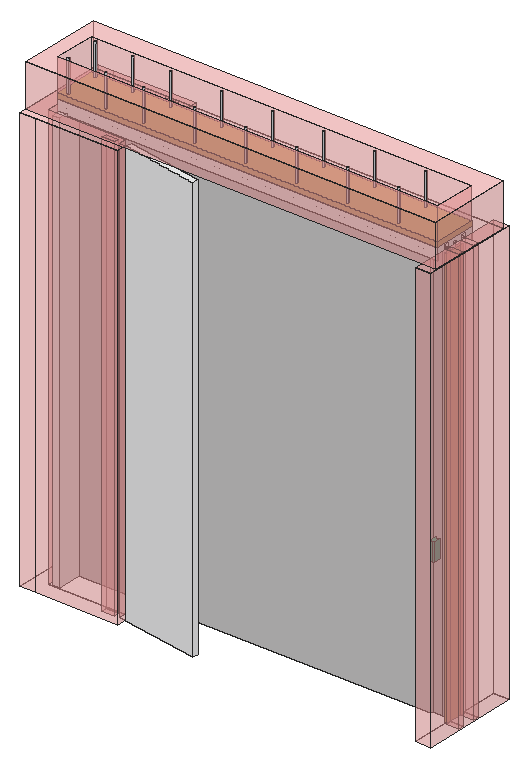
Revit family "Doors-Sliding_WON-DOOR_DuraSound_Manual_Floating_N", category Doors, host Wall, Revit 2020
Family settings
  Host = Wall
  OmniClass Number = 23.17.11.37.13
  OmniClass Title = Sound Control Doors
  Always vertical = Yes
  Cut with Voids When Loaded = No
  Shared = No
  Room Calculation Point = No
Parameters (values of type "Single Parting Door")
  Width [instance] = if(Clear Opening Width < Min Width, Min Width, if(Clear Opening Width > Real Max Width, Real Max Width, Clear Opening Width))  # 7' - 0"
  Warning Vis [instance] = if(Area > Max Area, 1 = 1, 1 = 2)  # no
  Warning Note [instance] = if(Warning Vis, "Doors dimensions are out of the limits", "")  # ""
  Wall Construction Clearance ( by other ) [instance] = yes
  Voltage [instance] = 120 V
  Void Offset [instance] = if(Double Door, Stack Depth, 0' 0")  # 0' - 0"
  Version = 1
  Value Step for Pocket Rod [instance] = if(not([Threaded Rods ( by Won-Door )]), Max Step for Pocket Threaded Rods, if(Step for Pocket Threaded Rods < Min Step for Threaded Rods, Min Step for Threaded Rods, if(Step for Pocket Threaded Rods > Max Step for Pocket Threaded Rods, Max Step for Pocket Threaded Rods, Step for Pocket Threaded Rods)))  # 1' - 0"
  Value Step for Clear Opening Rod [instance] = if(not([Threaded Rods ( by Won-Door )]), Max Step for Clear Opening Threaded Rods, if(Step for Clear Opening Threaded Rods < Min Step for Threaded Rods, Min Step for Threaded Rods, if(Step for Clear Opening Threaded Rods > Max Step for Clear Opening Threaded Rods, Max Step for Clear Opening Threaded Rods, Step for Clear Opening Threaded Rods)))  # 1' - 6"
  URL = "https://www.wondoor.com/"
  Track Type [instance] = if(or(Track Type Selection < 1, Track Type Selection > 3), "Please Select Integers 1-3 for Track Type Selection", if(Track Type Selection = 1, "T-09 Soffit", if(Track Type Selection = 2, "T-09 Wood", if(Track Type Selection = 3, "T-11", "Please Select Integers 1-3 for Track Type Selection"))))  # "T-09 Soffit"
  Track Type Selection [instance] = 1
  Threaded Rods Height [instance] = Real Head Height - 0' 3 1/8"  # 0' - 8 7/8"
  Threaded Rods ( by Won-Door ) [instance] = yes
  Thickness = 0' - 11 3/4"  # constant formula
  T-11 [instance] = if(Track Type Selection > 2, 1 = 1, 1 = 2)  # no
  T-09 WOOD [instance] = if(Track Type Selection = 2, 1 = 1, 1 = 2)  # no
  T-09 SOFFIT [instance] = if(or(Track Type Selection = 0, Track Type Selection < 0, Track Type Selection = 1), 1 = 1, 1 = 2)  # yes
  Step for Pocket Threaded Rods [instance] = 1' - 0"
  Step for Clear Opening Threaded Rods [instance] = 1' - 6"
  Stack Depth for SI [instance] = ((Width * 1.75) / 12) + 0' 11"  # 1' - 11 1/4"
  Stack Depth for BI [instance] = (((Width / 2) * 1.75) / 12) + 0' 11"  # 1' - 5 1/8"
  Stack Depth [instance] = if(Double Door, Stack Depth for BI, Stack Depth for SI)  # 1' - 11 1/4"
  Single Door Geometry [instance] = if(and(Closed, Single Door), 1 = 1, 1 = 2)  # yes
  Single Door = not(Double Door)  # yes
  Second Stack Depth Offset [instance] = if(Double Door, 0' 2", 0' 0")  # 0' - 0"
  Second Stack Depth [instance] = if(Double Door, Stack Depth - 0' 2", 1' 0")  # 1' - 0"
  Rough Width [instance] = Width + Stack Depth + Offset for Stack Depth  # 9' - 4 1/8"
  Rough Height [instance] = Height + Head Height  # 11' - 0"
  Real Width [instance] = Width  # 7' - 0"
  Real Step for Pocket Threaded Rods [instance] = ((Stack Depth - 0' 2") / (Array for Pocket Threaded Rods - 1))  # 0' - 10 5/8"
  Real Step for Clear Opening Threaded Rods [instance] = Array for Clear Opening Length / (Array for Clear Opening Threaded Rods - 1)  # 1' - 4.8"
  Real Max Width [instance] = Max Area / 5' 0"  # 280' - 0"
  Real Max Height [instance] = Max Area / 3' 0"  # 466' - 8"
  Real Height [instance] = Height  # 10' - 0"
  Real Head Height [instance] = if(Head Height < Min Head Height, Min Head Height, Head Height)  # 1' - 0"
  Product data url = "https://www.bimobject.com/hortonautomatics/product/WON-DOOR-durasound"
  Product Page URL = "https://www.wondoor.com/download/ds/"
  Power Factor [instance] = 1
  Pocket Thickness = 2' - 3 3/4"  # constant formula
  Open [instance] = no
  Offset for Width [instance] = if(Double Door, Stack Depth, 0' 0")  # 0' - 0"
  Offset for Stack Depth = if(Pocket Thickness = 2' 3 3/4", 0' 4 7/8", if(Pocket Thickness = 2' 6 1/4", 0' 6 1/8", 0' 7 3/8"))  # 0' - 4 7/8"
  Offset for Backing Width = if(or(Pocket Thickness = 2' 6 1/4", Pocket Thickness = 2' 8 3/4"), 0' 3 1/4", 0' 3 1/8")  # 0' - 3 1/8"
  Offset for Backing Depth = if(Pocket Thickness = 2' 6 1/4", 0' 7 3/8", if(Pocket Thickness = 2' 8 3/4", 0' 8 5/8", 0' 6 1/8"))  # 0' - 6 1/8"
  Number of Poles [instance] = 1
  Model = "DS Manual Floating"  # constant formula
  Min Width [instance] = if(Double Door, 4' 0", 3' 0")  # 3' - 0"
  Min Step for Threaded Rods [instance] = 0' - 1"  # constant formula
  Min Height [instance] = 7' - 0"  # constant formula
  Min Head Height [instance] = 1' - 0"  # constant formula
  Max Step for Pocket Threaded Rods [instance] = 1' - 0"  # constant formula
  Max Step for Clear Opening Threaded Rods [instance] = 1' - 6"  # constant formula
  Max Head Height [instance] = 25' - 0"  # constant formula
  Max Area [instance] = 1400.00 SF  # constant formula
  Manufacturer = "Won-Door Corporation"  # constant formula
  Wall Closure = By host
  Height Half [instance] = Height / 2  # 5' - 0"
  Height [instance] = if(Clear Opening Height < Min Height, Min Height, if(Clear Opening Height > Real Max Height, Real Max Height, Clear Opening Height))  # 10' - 0"
  Head Height [instance] = 1' - 0"
  Fire Rating = ""
  Double Door Geometry [instance] = if(and(Closed, Double Door), 1 = 1, 1 = 2)  # no
  Double Door = no
  Door Finish = Won-Door-Plastic-Vinyl
  Description = "Won-Door DuraSound accordion folding doors increase building utility by performing multiple functions. These versatile accordion partitions are competitively priced, cost less to install and maintain, and last years longer than any other folding partition on the market.The dual-wall DuraSound accordion folding partition has the highest sound rating (STC 48  or equivalent NIC 30 ) in the industry. Each steel panel is corrugated for extra strength. Surface colors and vinyl finishes are permanently bonded. The result is a partition that is dent, ding and scratch resistant. DuraSound doors are only 4.2 pounds per square foot – and operate on a two-track system. A pin and roller suspends every panel and promotes smooth and low effort operation. This unique design allows the doors to span large, as well as curved, openings.  Available in unlimited widths, and heights up to 28 feet."  # constant formula
  Date Updated = ""
  Date Created = "2024/05/14"  # constant formula
  Current [instance] = 10 A  # constant formula
  Connector Description [instance] = "100-240 VAC, 60/50 Hz, 10 AMP"  # constant formula
  Closed [instance] = not(Open)  # yes
  Clear Opening Width [instance] = 7' - 0"
  Clear Opening Height [instance] = 10' - 0"
  Backing Profile Clearance ( by other ) [instance] = yes
  Array for Second Pocket Vis [instance] = if(and(Double Door, [Threaded Rods ( by Won-Door )]), 1 = 1, 1 = 2)  # no
  Array for Second Pocket Threaded Rods [instance] = if(not(Double Door), 2, Array for Pocket Threaded Rods)  # 2
  Array for Pocket Threaded Rods [instance] = 1 + roundup(((Stack Depth - 0' 2") / Value Step for Pocket Rod))  # 3
  Array for Clear Opening Threaded Rods [instance] = 1 + roundup(((Array for Clear Opening Length) / Value Step for Clear Opening Rod))  # 6
  Array for Clear Opening Length [instance] = Width  # 7' - 0"
  Area [instance] = Height * Width  # 70.00 SF
  Apparent Load [instance] = Voltage * Current  # 1200 VA
  Offset = 0' - 0"  # constant formula
Reference planes (in)
  plane 1 "Center (Front/Back)": y = 0
  plane 2: x = -26.75
  plane 3 "Top": z = 120
  plane 4 "Exterior": y = 30
  plane 5 "Interior": y = -30
  plane 6: z = 39.5
  plane 7: z = 44.5
  plane 8: z = 132
  plane 9: z = 60
  plane 10: z = 12
  plane 11: x = -50
  plane 12: x = 57.25
  plane 13: y = -5.875
  plane 14: y = 5.875
  plane 15 "Center (Left/Right)": x = 15.25
  plane 16: x = -48
  plane 17: z = 123.125
  plane 18: z = 60
  plane 19: x = 57.25
  plane 20: x = 57.25
  plane 21: y = 9
  plane 22: y = -9
  plane 23: y = 9
  plane 24: y = -9
  plane 25: y = 11
  plane 26: y = -11
  plane 27: x = 57.25
Forms (in)
  Extrusion 1, solid, material "Won-Door-Metal-Gray", visible <- "T-09 SOFFIT", detail levels medium
    sketch origin (-26.75, 36, 120) x (0, -1, 0) y (0, 0, -1)
      loop
        line (42, 1.625) -> (41.875, 1.625) -> (41.875, 0) -> (39.75, 0) -> (39.75, -1.25) -> (38.125, -1.25) -> (38.125, 0) -> (36.8125, 0) -> (36.8125, -0.875) -> (35.1875, -0.875) -> (35.1875, 0) -> (33.875, 0) -> (33.875, -1.25) -> (32.25, -1.25) -> (32.25, 0) -> (30.125, 0) -> (30.125, 1.625) -> (30, 1.625) -> (30, -1.625) -> (42, -1.625) -> (42, 1.625)
    from -23.25 to 84
  Extrusion 2, solid, material "Won-Door-Metal-Gray", visible <- "T-09 SOFFIT", detail levels coarse
    sketch origin (-26.75, 36, 120) x (0, -1, 0) y (0, 0, -1)
      loop
        line (42, 0) -> (30, 0) -> (30, -1.625) -> (42, -1.625) -> (42, 0)
    from -23.25 to 84
  Extrusion 3, solid, material "Won-Door-Metal-Gray", visible <- "T-09 SOFFIT", detail levels fine
    sketch origin (-26.75, 36, 120) x (0, -1, 0) y (0, 0, -1)
      loop
        line (42, 1.625) -> (41.875, 1.625) -> (41.875, 0) -> (39.125, 0) -> (39.125, -0.12546) -> (39.75, -0.12546) -> (39.75, -1.25) -> (38.125, -1.25) -> (38.125, -0.12546) -> (38.75, -0.12546) -> (38.75, 0) -> (36.8125, 0) -> (36.8125, -0.875) -> (35.1875, -0.875) -> (35.1875, 0) -> (33.25, 0) -> (33.25, -0.12546) -> (33.875, -0.12546) -> (33.875, -1.25) -> (32.25, -1.25) -> (32.25, -0.12546) -> (32.875, -0.12546) -> (32.875, 0) -> (30.125, 0) -> (30.125, 1.625) -> (30, 1.625) -> (30, -1.625) -> (42, -1.625) -> (42, 1.625)
    from -23.25 to 84
  Extrusion 4, solid, material "Won-Door-Metal-Gray", visible <- "T-09 WOOD", detail levels fine
    sketch origin (-26.75, 36, 120) x (0, -1, 0) y (0, 0, -1)
      loop
        line (39.875, 0) -> (39.125, 0) -> (39.125, -0.12546) -> (39.75, -0.12546) -> (39.75, -1.25) -> (38.125, -1.25) -> (38.125, -0.12546) -> (38.75, -0.12546) -> (38.75, 0) -> (36.8125, 0) -> (36.8125, -0.875) -> (35.1875, -0.875) -> (35.1875, 0) -> (33.25, 0) -> (33.25, -0.12546) -> (33.875, -0.12546) -> (33.875, -1.25) -> (32.25, -1.25) -> (32.25, -0.12546) -> (32.875, -0.12546) -> (32.875, 0) -> (32.125, 0) -> (32.125, -1.25) -> (30, -1.25) -> (30, -1.625) -> (42, -1.625) -> (42, -1.25) -> (39.875, -1.25) -> (39.875, 0)
    from -23.25 to 84
  Extrusion 5, solid, material "Won-Door-Metal-Gray", visible <- "T-09 WOOD", detail levels medium
    sketch origin (-26.75, 36, 120) x (0, -1, 0) y (0, 0, -1)
      loop
        line (36.8125, 0) -> (36.8125, -0.875) -> (35.1875, -0.875) -> (35.1875, 0) -> (33.875, 0) -> (33.875, -1.25) -> (32.25, -1.25) -> (32.25, 0) -> (32.125, 0) -> (32.125, -1.25) -> (30, -1.25) -> (30, -1.625) -> (42, -1.625) -> (42, -1.25) -> (39.875, -1.25) -> (39.875, 0) -> (39.75, 0) -> (39.75, -1.25) -> (38.125, -1.25) -> (38.125, 0) -> (36.8125, 0)
    from -23.25 to 84
  Extrusion 6, solid, material "Won-Door-Metal-Gray", visible <- "T-09 WOOD", detail levels coarse
    sketch origin (-26.75, 36, 120) x (0, -1, 0) y (0, 0, -1)
      loop
        line (42, 0) -> (30, 0) -> (30, -1.625) -> (42, -1.625) -> (42, 0)
    from -23.25 to 84
  Extrusion 7, solid, material "Won-Door-Metal-Gray", visible <- "T-11", detail levels fine
    sketch origin (-26.75, 36, 120) x (0, -1, 0) y (0, 0, -1)
      loop
        line (39.875, 0) -> (39.125, 0) -> (39.125, -0.12546) -> (39.75, -0.12546) -> (39.75, -1.25) -> (38.125, -1.25) -> (38.125, -0.12546) -> (38.75, -0.12546) -> (38.75, 0) -> (33.25, 0) -> (33.25, -0.12546) -> (33.875, -0.12546) -> (33.875, -1.25) -> (32.25, -1.25) -> (32.25, -0.12546) -> (32.875, -0.12546) -> (32.875, 0) -> (32.125, 0) -> (30, 0) -> (30, -0.12546) -> (32.125, -0.12546) -> (32.125, -1.25) -> (30, -1.25) -> (30, -1.625) -> (42, -1.625) -> (42, -1.25) -> (39.875, -1.25) -> (39.875, -0.12546) -> (42, -0.12546) -> (42, 0) -> (39.875, 0)
    from -23.25 to 84
  Extrusion 8, solid, material "Won-Door-Metal-Gray", visible <- "T-11", detail levels medium
    sketch origin (-26.75, 36, 120) x (0, -1, 0) y (0, 0, -1)
      loop
        line (39.75, -1.25) -> (38.125, -1.25) -> (38.125, 0) -> (33.875, 0) -> (33.875, -1.25) -> (32.25, -1.25) -> (32.25, 0) -> (30, 0) -> (30, -0.12546) -> (32.125, -0.12546) -> (32.125, -1.25) -> (30, -1.25) -> (30, -1.625) -> (42, -1.625) -> (42, -1.25) -> (39.875, -1.25) -> (39.875, -0.12546) -> (42, -0.12546) -> (42, 0) -> (39.75, 0) -> (39.75, -1.25)
    from -23.25 to 84
  Extrusion 9, solid, material "Won-Door-Metal-Gray", visible <- "T-11", detail levels coarse
    sketch origin (-26.75, 36, 120) x (0, -1, 0) y (0, 0, -1)
      loop
        line (30, 0) -> (30, -1.625) -> (42, -1.625) -> (42, 0) -> (30, 0)
    from -23.25 to 84
  Extrusion 10, void
    sketch origin (-6.76486, 0, 0) x (1, 0, 0) y (0, 1, 0)
      loop
        line (-19.98514, 30) -> (-19.98514, -30) -> (64.01486, -30) -> (64.01486, 30) -> (-19.98514, 30)
    from 0 to 120
  Extrusion 11, solid, material "Won-Door-Plastic-Vinyl" <- "Door Finish", visible <- "Double Door Geometry", detail levels medium+fine
    sketch origin (0, 0, 0) x (1, 0, 0) y (0, 1, 0)
      loop
        line (17, 1.5625) -> (-47.5, 1.5625) -> (-47.5, -1.5625) -> (17, -1.5625) -> (17, -0.875) -> (15.25, -0.875) -> (15.25, 0.875) -> (17, 0.875) -> (17, 1.5625)
    from 0 to 120
  Extrusion 12, solid, material "Won-Door-Plastic-Vinyl" <- "Door Finish", visible <- "Double Door Geometry", detail levels medium+fine
    sketch origin (0, 0, 0) x (1, 0, 0) y (0, 1, 0)
      loop
        line (17, 1.5625) -> (17, 0.875) -> (15.25, 0.875) -> (15.25, -0.875) -> (17, -0.875) -> (17, -1.5625) -> (54.75378, -1.5625) -> (54.75378, 1.5625) -> (17, 1.5625)
    from 0 to 120
  Extrusion 13, solid, material "Won-Door-Plastic-Vinyl" <- "Door Finish", visible <- "Double Door Geometry", detail levels coarse
    sketch origin (0, 0, 0) x (1, 0, 0) y (0, 1, 0)
      loop
        line (-47.5, -1.5625) -> (54.75378, -1.5625) -> (54.75378, 1.5625) -> (-47.5, 1.5625) -> (-47.5, -1.5625)
    from 0 to 120
  Extrusion 14, solid, material "Won-Door-Plastic-Vinyl" <- "Door Finish", visible <- "Single Door Geometry", detail levels coarse
    sketch origin (0, 0, 0) x (1, 0, 0) y (0, 1, 0)
      loop
        line (-47.5, 1.5625) -> (-47.5, -1.5625) -> (54.75, -1.5625) -> (54.75, 1.5625) -> (-47.5, 1.5625)
    from 0 to 120
  Extrusion 15, solid, material "Won-Door-Plastic-Vinyl", visible <- "Single Door Geometry", detail levels fine
    sketch origin (0, 0, 0) x (1, 0, 0) y (0, 1, 0)
      loop
        line (51.75, 1.5625) -> (-47.5, 1.5625) -> (-47.5, -1.5625) -> (51.75, -1.5625) -> (51.75, -0.875) -> (54.66488, -0.875) -> (54.66488, -1) -> (55.875, -1) -> (55.875, -0.875) -> (54.75, -0.875) -> (54.75, 0.875) -> (55.875, 0.875) -> (55.875, 1) -> (54.66488, 1) -> (54.66488, 0.875) -> (51.75, 0.875) -> (51.75, 1.5625)
    from 0 to 120
  Extrusion 16, solid, material "Won-Door-Plastic-Vinyl" <- "Door Finish", visible <- "Single Door Geometry", detail levels medium
    sketch origin (0, 0, 0) x (1, 0, 0) y (0, 1, 0)
      loop
        line (54.75, 0.875) -> (51.75, 0.875) -> (51.75, 1.5625) -> (-47.5, 1.5625) -> (-47.5, -1.5625) -> (51.75, -1.5625) -> (51.75, -0.875) -> (54.75, -0.875) -> (54.75, 0.875)
    from 0 to 120
  Extrusion 17, solid, material "Won-Door-Plastic-Green", visible <- "Single Door Geometry", detail levels medium
    sketch origin (57.25, -40, 0) x (0, 1, 0) y (-1, 0, 0)
      loop
        line (42.875, 3.625) -> (42.875, 4.625) -> (40.875, 4.625) -> (40.875, 3.625) -> (42.875, 3.625)
      loop
        line (37.125, 3.625) -> (39.125, 3.625) -> (39.125, 4.625) -> (37.125, 4.625) -> (37.125, 3.625)
    from 39.5 to 44.5
  Extrusion 18, solid, material "Won-Door-Plastic-Green", visible <- "Single Door Geometry", detail levels fine
    sketch origin (57.25, -40, 0) x (0, 1, 0) y (-1, 0, 0)
      loop
        arc (42.625, 3.625) -> (42.80178, 3.69822) -> (42.875, 3.875) r 0.25
        line (42.875, 3.875) -> (42.875, 4.375)
        arc (42.875, 4.375) -> (42.80178, 4.55178) -> (42.625, 4.625) r 0.25
        line (42.625, 4.625) -> (40.875, 4.625) -> (40.875, 3.625) -> (42.625, 3.625)
      loop
        line (37.375, 3.625) -> (39.125, 3.625) -> (39.125, 4.625) -> (37.375, 4.625)
        arc (37.375, 4.625) -> (37.19822, 4.55178) -> (37.125, 4.375) r 0.25
        line (37.125, 4.375) -> (37.125, 3.875)
        arc (37.125, 3.875) -> (37.19822, 3.69822) -> (37.375, 3.625) r 0.25
    from 39.5 to 44.5
  Extrusion 19, solid, material "Won-Door-Plastic-Green", visible <- "Double Door Geometry", detail levels medium
    sketch origin (0, 0, 0) x (1, 0, 0) y (0, 1, 0)
      loop
        line (13.125, 3.5625) -> (12.125, 3.5625) -> (12.125, 1.5625) -> (13.125, 1.5625) -> (13.125, 3.5625)
      loop
        line (13.125, -3.5625) -> (13.125, -1.5625) -> (12.125, -1.5625) -> (12.125, -3.5625) -> (13.125, -3.5625)
      loop
        line (17.375, 3.5625) -> (17.375, 1.5625) -> (18.375, 1.5625) -> (18.375, 3.5625) -> (17.375, 3.5625)
      loop
        line (17.375, -3.5625) -> (18.375, -3.5625) -> (18.375, -1.5625) -> (17.375, -1.5625) -> (17.375, -3.5625)
    from 39.5 to 44.5
  Extrusion 20, solid, material "Won-Door-Plastic-Green", visible <- "Double Door Geometry", detail levels fine
    sketch origin (0, 0, 0) x (1, 0, 0) y (0, 1, 0)
      loop
        arc (13.125, 3.3125) -> (13.05178, 3.48928) -> (12.875, 3.5625) r 0.25
        line (12.875, 3.5625) -> (12.375, 3.5625)
        arc (12.375, 3.5625) -> (12.19822, 3.48928) -> (12.125, 3.3125) r 0.25
        line (12.125, 3.3125) -> (12.125, 1.5625) -> (13.125, 1.5625) -> (13.125, 3.3125)
      loop
        line (13.125, -3.3125) -> (13.125, -1.5625) -> (12.125, -1.5625) -> (12.125, -3.3125)
        arc (12.125, -3.3125) -> (12.19822, -3.48928) -> (12.375, -3.5625) r 0.25
        line (12.375, -3.5625) -> (12.875, -3.5625)
        arc (12.875, -3.5625) -> (13.05178, -3.48928) -> (13.125, -3.3125) r 0.25
      loop
        line (17.375, 3.3125) -> (17.375, 1.5625) -> (18.375, 1.5625) -> (18.375, 3.3125)
        arc (18.375, 3.3125) -> (18.30178, 3.48928) -> (18.125, 3.5625) r 0.25
        line (18.125, 3.5625) -> (17.625, 3.5625)
        arc (17.625, 3.5625) -> (17.44822, 3.48928) -> (17.375, 3.3125) r 0.25
      loop
        arc (17.375, -3.3125) -> (17.44822, -3.48928) -> (17.625, -3.5625) r 0.25
        line (17.625, -3.5625) -> (18.125, -3.5625)
        arc (18.125, -3.5625) -> (18.30178, -3.48928) -> (18.375, -3.3125) r 0.25
        line (18.375, -3.3125) -> (18.375, -1.5625) -> (17.375, -1.5625) -> (17.375, -3.3125)
    from 39.5 to 44.5
  Extrusion 21, solid, material "Won-Door - Wood - Plywood"
    sketch origin (-26.75, 36, 120) x (0, -1, 0) y (0, 0, -1)
      loop
        line (42, -1.625) -> (30, -1.625) -> (30, -3.125) -> (42, -3.125) -> (42, -1.625)
    from -23.25 to 84
  Extrusion 22, solid, material "Clearance", visible <- "T-09 WOOD"
    sketch origin (-26.75, 36, 120) x (0, -1, 0) y (0, 0, -1)
      loop
        line (42, -1.25) -> (42, 0) -> (39.875, 0) -> (39.875, -1.25) -> (42, -1.25)
      loop
        line (30, -1.25) -> (32.125, -1.25) -> (32.125, 0) -> (30, 0) -> (30, -1.25)
    from -23.25 to 84
  Extrusion 23, solid, material "Clearance", visible <- "Wall Construction Clearance ( by other )"
    sketch origin (0, 0, 0) x (1, 0, 0) y (0, 1, 0)
      loop
        line (-54.25, -11.99789) -> (61.5, -11.99789) -> (61.5, 11.99789) -> (-54.25, 11.99789) -> (-54.25, -11.99789)
      loop
        line (-50, 5.875) -> (-50, -5.875) -> (57.25, -5.875) -> (57.25, 5.875) -> (-50, 5.875)
    from 120 to 132
  Extrusion 24, void
    sketch origin (0, 0, 0) x (1, 0, 0) y (0, 1, 0)
      loop
        line (-28.375, -9) -> (-28.375, -11) -> (-26.75, -11) -> (-26.75, 11) -> (-28.375, 11) -> (-28.375, 9) -> (-50, 9) -> (-50, -9) -> (-28.375, -9)
    from 0 to 120
  Extrusion 25, void
    sketch origin (0, 0, 0) x (1, 0, 0) y (0, 1, 0)
      loop
        line (57, 11) -> (57, -11) -> (58.625, -11) -> (58.625, -9) -> (57.25, -9) -> (57.25, 9) -> (58.625, 9) -> (58.625, 11) -> (57, 11)
    from 0 to 120
  Extrusion 26, solid, material "Won-Door-Metal-Gray", not visible, detail levels coarse+fine
    sketch origin (0, 0, 0) x (1, 0, 0) y (0, 1, 0)
      loop
        line (57, 11) -> (57, -11) -> (58.625, -11) -> (58.625, 11) -> (57, 11)
    from 0 to 39.5
  Extrusion 27, void
    sketch origin (0, 0, 0) x (1, 0, 0) y (0, 1, 0)
      loop
        line (35.62842, -8.99817) -> (57.25, -8.99817) -> (57.25, 9.00183) -> (35.62842, 9.00183) -> (35.62842, 11.00183) -> (34, 11.00183) -> (34, -10.99817) -> (35.62842, -10.99817) -> (35.62842, -8.99817)
    from 0 to 120
  Extrusion 28, solid, material "Won-Door-Metal-Gray", not visible, detail levels coarse
    sketch origin (57.25, -40, 0) x (0, 1, 0) y (-1, 0, 0)
      loop
        line (34.125, 22.35104) -> (35, 22.35104) -> (35, 23.85104) -> (34.125, 23.85104) -> (34.125, 22.35104)
    from 0 to 3.06459
  Extrusion 29, void
    sketch origin (0.14896, 0, 0) x (1, 0, 0) y (0, 1, 0)
      loop
        line (-50.14896, -5.875) -> (57.10104, -5.875) -> (57.10104, 5.875) -> (-50.14896, 5.875) -> (-50.14896, -5.875)
    from 120 to 132
Cuts and joins
  Extrusion 25 cuts Extrusion 26
  Extrusion 27 cuts Extrusion 28
Lines and regions (in)
  Masking region 1, visible <- "Double Door Geometry"
    outline origin (0, 0, 0) x (1, 0, 0) y (0, 1, 0)
      loop
        line (56.5, 1.5625) -> (-49.25, 1.5625) -> (-49.25, -1.5625) -> (56.5, -1.5625) -> (56.5, 1.5625)
  Masking region 2, visible <- "Double Door Geometry", detail levels fine
    outline origin (0, 0, 0) x (1, 0, 0) y (0, 1, 0)
      loop
        line (13.125, 1.5625) -> (13.125, 3.3125)
        arc (13.125, 3.3125) -> (13.05178, 3.48928) -> (12.875, 3.5625) r 0.25
        line (12.875, 3.5625) -> (12.375, 3.5625)
        arc (12.375, 3.5625) -> (12.19822, 3.48928) -> (12.125, 3.3125) r 0.25
        line (12.125, 3.3125) -> (12.125, 1.5625) -> (13.125, 1.5625)
      loop
        line (17.375, 1.5625) -> (18.375, 1.5625) -> (18.375, 3.3125)
        arc (18.375, 3.3125) -> (18.30178, 3.48928) -> (18.125, 3.5625) r 0.25
        line (18.125, 3.5625) -> (17.625, 3.5625)
        arc (17.625, 3.5625) -> (17.44822, 3.48928) -> (17.375, 3.3125) r 0.25
        line (17.375, 3.3125) -> (17.375, 1.5625)
      loop
        line (13.125, -1.5625) -> (12.125, -1.5625) -> (12.125, -3.3125)
        arc (12.125, -3.3125) -> (12.19822, -3.48928) -> (12.375, -3.5625) r 0.25
        line (12.375, -3.5625) -> (12.875, -3.5625)
        arc (12.875, -3.5625) -> (13.05178, -3.48928) -> (13.125, -3.3125) r 0.25
        line (13.125, -3.3125) -> (13.125, -1.5625)
      loop
        line (17.375, -1.5625) -> (17.375, -3.3125)
        arc (17.375, -3.3125) -> (17.44822, -3.48928) -> (17.625, -3.5625) r 0.25
        line (17.625, -3.5625) -> (18.125, -3.5625)
        arc (18.125, -3.5625) -> (18.30178, -3.48928) -> (18.375, -3.3125) r 0.25
        line (18.375, -3.3125) -> (18.375, -1.5625) -> (17.375, -1.5625)
  Masking region 3, visible <- "Double Door Geometry", detail levels medium
    outline origin (0, 0, 0) x (1, 0, 0) y (0, 1, 0)
      loop
        line (13.125, 1.5625) -> (13.125, 3.5625) -> (12.125, 3.5625) -> (12.125, 1.5625) -> (13.125, 1.5625)
      loop
        line (17.375, 1.5625) -> (18.375, 1.5625) -> (18.375, 3.5625) -> (17.375, 3.5625) -> (17.375, 1.5625)
      loop
        line (13.125, -1.5625) -> (12.125, -1.5625) -> (12.125, -3.5625) -> (13.125, -3.5625) -> (13.125, -1.5625)
      loop
        line (17.375, -1.5625) -> (17.375, -3.5625) -> (18.375, -3.5625) -> (18.375, -1.5625) -> (17.375, -1.5625)
  Masking region 4, visible <- "Single Door Geometry", detail levels coarse
    outline origin (0, 0, 0) x (1, 0, 0) y (0, 1, 0)
      loop
        line (-49.25, 1.5625) -> (-49.25, -1.5625) -> (54.72968, -1.5625) -> (54.72968, 1.5625) -> (-49.25, 1.5625)
  Masking region 5, visible <- "Single Door Geometry", detail levels medium
    outline origin (0, 0, 0) x (1, 0, 0) y (0, 1, 0)
      loop
        line (51.75, 1.5625) -> (-49.25, 1.5625) -> (-49.25, -1.5625) -> (51.75, -1.5625) -> (51.75, -0.875) -> (55.11466, -0.875) -> (55.11466, -0.805) -> (54.72086, -0.805) -> (54.72086, -0.70566) -> (54.83966, -0.70566) -> (54.83966, -0.4675) -> (54.72968, -0.4675) -> (54.72968, 0.4675) -> (54.83966, 0.4675) -> (54.83966, 0.70566) -> (54.72086, 0.70566) -> (54.72086, 0.805) -> (55.11466, 0.805) -> (55.11466, 0.875) -> (51.75, 0.875) -> (51.75, 1.5625)
  Masking region 6, visible <- "Single Door Geometry", detail levels fine
    outline origin (0, 0, 0) x (1, 0, 0) y (0, 1, 0)
      loop
        line (51.75, 1.5625) -> (-49.25, 1.5625) -> (-49.25, -1.5625) -> (51.75, -1.5625) -> (51.75, -0.875) -> (55.15544, -0.875)
        arc (55.15544, -0.875) -> (55.12917, -0.84342) -> (55.11466, -0.805) r 0.124
        line (55.11466, -0.805) -> (54.75066, -0.805)
        arc (54.75066, -0.805) -> (54.72124, -0.78085) -> (54.73918, -0.74728) r 0.03
        line (54.73918, -0.74728) -> (54.83966, -0.70566) -> (54.83966, -0.4675) -> (54.80785, -0.4675)
        arc (54.80785, -0.4675) -> (54.72968, 0) -> (54.80785, 0.4675) r 1.43699
        line (54.80785, 0.4675) -> (54.83966, 0.4675) -> (54.83966, 0.70566) -> (54.73918, 0.74728)
        arc (54.73918, 0.74728) -> (54.72124, 0.78085) -> (54.75066, 0.805) r 0.03
        line (54.75066, 0.805) -> (55.11466, 0.805)
        arc (55.11466, 0.805) -> (55.12917, 0.84342) -> (55.15544, 0.875) r 0.124
        line (55.15544, 0.875) -> (51.75, 0.875) -> (51.75, 1.5625)
  Masking region 7, visible <- "Closed"
    outline origin (0, 0, 0) x (1, 0, 0) y (0, 1, 0)
      loop
        line (-50, 9) -> (-50, -9) -> (-28.375, -9) -> (-28.375, -11) -> (-26.75, -11) -> (-26.75, -1.5625) -> (-49.25, -1.5625) -> (-49.25, 1.5625) -> (-26.75, 1.5625) -> (-26.75, 11) -> (-28.375, 11) -> (-28.375, 9) -> (-50, 9)
  Masking region 8, visible <- "Double Door Geometry"
    outline origin (57.25, -40, 0) x (0, 1, 0) y (-1, 0, 0)
      loop
        line (49, 0) -> (49, 21.625) -> (51, 21.625) -> (51, 23.25) -> (41.5625, 23.25) -> (41.5625, 0.75) -> (38.4375, 0.75) -> (38.4375, 23.25) -> (29, 23.25) -> (29, 21.625) -> (31, 21.625) -> (31, 0) -> (49, 0)
  reference lines
    curve 1: line (-50, 14.88149, 0) -> (-50, -14.88149, 0)
    curve 2: line (57.25, -40, 0) -> (57.25, 35.88149, 0)
    curve 3: line (-26.75, 36, 120) -> (-26.75, -31, 120)
    curve 9: line (57.25, 27.04691, 0) -> (57.25, -41.95309, 0)
    curve 10: line (45.25, 28.875, 0) -> (45.25, -40, 0)
    curve 11: line (34, -41.95309, 0) -> (34, 35.88149, 0)
  symbolic lines, visible <- "Double Door Geometry", detail levels medium+fine
    curve 4: line (17, 1.5625, 0) -> (17, 0.875, 0)
    curve 5: line (17, 0.875, 0) -> (15.25, 0.875, 0)
    curve 6: line (15.25, 0.875, 0) -> (15.25, -0.875, 0)
    curve 7: line (15.25, -0.875, 0) -> (17, -0.875, 0)
    curve 8: line (17, -0.875, 0) -> (17, -1.5625, 0)
Text (in)
  text "Exterior" at (-74.96733, 27.31104, 0), in view "Ref. Level"
  text "Interior" at (-74.96733, -25.14366, 0), in view "Ref. Level"
  text "Exterior" at (0, 40.15149, 123.01588), in view "Right"
  text "Interior" at (0, -64.39139, 123.01588), in view "Right"
  text "Interior" at (0, -31.01599, 123.00693), in view "Left"
  text "Exterior" at (0, 54.57065, 123.00693), in view "Left"
Dimensions and locks (in)
  "Height": level to plane 3 "Top"
  locked: level to plane 6 at 39.5
  locked: plane 6 to plane 7 at 5
  "Real Head Height": plane 3 "Top" to plane 8
  locked: plane 9 to level at 60
  "Stack Depth": plane 11 to plane 2
  equal spacing: curve 1, plane 1 "Center (Front/Back)", curve 1
  locked: curve 1 to curve 1 at 29.76298
  equal spacing: plane 14, plane 1 "Center (Front/Back)", plane 13
  "Thickness": plane 14 to plane 13
  Extrusion 5 sketch curve to Extrusion 5 sketch curve to Extrusion 5 sketch curve to Extrusion 5 sketch curve to Extrusion 5 sketch curve to Extrusion 5 sketch curve to Extrusion 5 sketch curve to Extrusion 5 sketch curve to Extrusion 5 sketch curve to Extrusion 5 sketch curve = 0' - 2 1/8" locked, 0' - 0 1/8" locked, 0' - 1 5/8" locked, 0' - 1 5/16" locked, 0' - 1 5/8" locked, 0' - 1 5/16" locked, 0' - 1 5/8" locked, 0' - 0 1/8" locked, 0' - 2 1/8" locked
  Extrusion 4 sketch curve to Extrusion 4 sketch curve to Extrusion 4 sketch curve to Extrusion 4 sketch curve to Extrusion 4 sketch curve to Extrusion 4 sketch curve to Extrusion 4 sketch curve to Extrusion 4 sketch curve to Extrusion 4 sketch curve to Extrusion 4 sketch curve to Extrusion 4 sketch curve to Extrusion 4 sketch curve to Extrusion 4 sketch curve to Extrusion 4 sketch curve = 0' - 2 1/8" locked, 0' - 0 1/8" locked, 0' - 0 5/8" locked, 0' - 0 3/8" locked, 0' - 0 5/8" locked, 0' - 1 5/16" locked, 0' - 1 5/8" locked, 0' - 1 5/16" locked, 0' - 0 5/8" locked, 0' - 0 3/8" locked, 0' - 0 5/8" locked, 0' - 0 1/8" locked, 0' - 2 1/8" locked
  Extrusion 3 sketch curve to Extrusion 3 sketch curve to Extrusion 3 sketch curve to Extrusion 3 sketch curve to Extrusion 3 sketch curve to Extrusion 3 sketch curve to Extrusion 3 sketch curve to Extrusion 3 sketch curve to Extrusion 3 sketch curve to Extrusion 3 sketch curve to Extrusion 3 sketch curve to Extrusion 3 sketch curve to Extrusion 3 sketch curve to Extrusion 3 sketch curve = 0' - 0 1/8" locked, 0' - 2 1/8" locked, 0' - 0 5/8" locked, 0' - 0 3/8" locked, 0' - 0 5/8" locked, 0' - 1 5/16" locked, 0' - 1 5/8" locked, 0' - 1 5/16" locked, 0' - 0 5/8" locked, 0' - 0 3/8" locked, 0' - 0 5/8" locked, 0' - 2 1/8" locked, 0' - 0 1/8" locked
  locked: Extrusion 1 sketch curve to Extrusion 1 sketch curve at 0.125
  Extrusion 1 sketch curve to Extrusion 1 sketch curve to Extrusion 1 sketch curve to Extrusion 1 sketch curve to Extrusion 1 sketch curve to Extrusion 1 sketch curve to Extrusion 1 sketch curve to Extrusion 1 sketch curve to Extrusion 1 sketch curve = 0' - 2 1/8" locked, 0' - 1 5/8" locked, 0' - 1 5/16" locked, 0' - 1 5/8" locked, 0' - 1 5/16" locked, 0' - 1 5/8" locked, 0' - 2 1/8" locked, 0' - 0 1/8" locked
  locked: Extrusion 2 sketch curve to plane 13 at 0.125
  locked: plane 14 to Extrusion 1 at 0.125
  locked: Extrusion 2 sketch curve to Extrusion 2 sketch curve at 12
  locked: Extrusion 1 sketch curve to plane 13 at 0.125
  Extrusion 7 sketch curve to Extrusion 7 sketch curve to Extrusion 7 sketch curve to Extrusion 7 sketch curve to Extrusion 7 sketch curve = 0' - 0 1/8" locked, 0' - 0 5/8" locked, 0' - 0 3/8" locked, 0' - 0 5/8" locked
  Extrusion 7 sketch curve to Extrusion 7 sketch curve to Extrusion 7 sketch curve to Extrusion 7 sketch curve to Extrusion 7 sketch curve = 0' - 0 5/8" locked, 0' - 0 3/8" locked, 0' - 0 5/8" locked, 0' - 0 1/8" locked
  locked: Extrusion 7 sketch curve to plane 13 at 0.125
  locked: Extrusion 8 sketch curve to plane 13 at 0.125
  Extrusion 8 sketch curve to Extrusion 8 sketch curve to Extrusion 8 sketch curve to Extrusion 8 sketch curve to Extrusion 8 sketch curve to Extrusion 8 sketch curve = 0' - 2 1/8", 0' - 0 1/8" locked, 0' - 1 5/8" locked, 0' - 5 7/8", 0' - 0 1/8" locked
  locked: Extrusion 8 sketch curve to Extrusion 8 sketch curve at 12
  locked: Extrusion 8 sketch curve to Extrusion 8 sketch curve at 1.625
  locked: Extrusion 9 sketch curve to plane 13 at 0.125
  locked: Extrusion 9 sketch curve to Extrusion 9 sketch curve at 12
  equal spacing: plane 5 "Interior", plane 1 "Center (Front/Back)", plane 4 "Exterior"
  locked: Extrusion 7 sketch curve to Extrusion 7 sketch curve at 12
  locked: Extrusion 12 sketch curve to Extrusion 12 sketch curve at 3.125
  locked: plane 11 to Extrusion 13 sketch curve at 2.5
  locked: plane 11 to Extrusion 14 sketch curve at 2.5
  locked: Extrusion 14 sketch curve to plane 12 at 2.5
  locked: plane 11 to Extrusion 15 sketch curve at 2.5
  locked: Extrusion 15 sketch curve to plane 12 at 1.375  (x2)
  locked: plane 11 to Extrusion 16 sketch curve at 2.5
  locked: Extrusion 16 sketch curve to plane 12 at 2.5
  locked: plane 15 "Center (Left/Right)" to Extrusion 12 sketch curve at 1.75  (x2)
  locked: Extrusion 11 sketch curve to Extrusion 11 sketch curve at 1.75  (x2)
  locked: plane 14 to Extrusion 13 sketch curve at 4.3125
  locked: Extrusion 13 sketch curve to plane 13 at 4.3125
  locked: plane 11 to Extrusion 11 sketch curve at 2.5
  locked: plane 14 to Extrusion 11 sketch curve at 4.3125
  locked: Extrusion 11 sketch curve to plane 13 at 4.3125
  locked: Extrusion 11 sketch curve to Extrusion 11 sketch curve at 0.6875  (x2)
  locked: Extrusion 12 sketch curve to plane 13 at 4.3125
  Extrusion 12 sketch curve to Extrusion 12 sketch curve to Extrusion 12 sketch curve = 0' - 1 3/4" locked, 0' - 0 11/16" locked
  plane 14 to Extrusion 16 sketch curve to Extrusion 16 sketch curve = 0' - 4 5/16" locked, 0' - 3 1/8" locked
  locked: Extrusion 16 sketch curve to Extrusion 16 sketch curve at 3  (x2)
  plane 14 to Extrusion 16 sketch curve to Extrusion 16 sketch curve = 0' - 5" locked, 0' - 1 3/4" locked
  plane 14 to Extrusion 15 sketch curve to Extrusion 15 sketch curve = 0' - 4 5/16" locked, 0' - 3 1/8" locked
  Extrusion 15 sketch curve to Extrusion 15 sketch curve to plane 13 = 0' - 0 1/8" locked, 0' - 4 7/8" locked
  equal spacing: Extrusion 15 sketch curve, nested 2, Extrusion 15 sketch curve
  locked: Extrusion 15 sketch curve to Extrusion 15 sketch curve at 0.125  (x2)
  locked: Extrusion 17 sketch curve to Extrusion 17 sketch curve at 1  (x2)
  plane 14 to Extrusion 17 sketch curve to Extrusion 17 sketch curve = 0' - 3" locked, 0' - 2" locked
  Extrusion 17 sketch curve to Extrusion 17 sketch curve to plane 13 = 0' - 2" locked, 0' - 3" locked
  locked: Extrusion 17 sketch curve to curve 2 at 3.625  (x2)
  plane 14 to Extrusion 14 sketch curve to Extrusion 14 sketch curve = 0' - 4 5/16" locked, 0' - 3 1/8" locked
  locked: Extrusion 18 sketch curve to Extrusion 18 sketch curve at 1  (x2)
  plane 14 to Extrusion 18 sketch curve to Extrusion 18 sketch curve = 0' - 3" locked, 0' - 2" locked
  Extrusion 18 sketch curve to Extrusion 18 sketch curve to plane 13 = 0' - 2" locked, 0' - 3" locked
  locked: Extrusion 18 sketch curve to curve 2 at 3.625  (x2)
  locked: Extrusion 18 sketch curve to Extrusion 18 sketch curve at 0.25  (x4)
  Extrusion 18 sketch curve to Extrusion 18 sketch curve to Extrusion 18 sketch curve = 0' - 0 1/2" locked, 0' - 0 1/4" locked
  Extrusion 18 sketch curve to Extrusion 18 sketch curve to Extrusion 18 sketch curve = 0' - 0 1/4" locked, 0' - 0 1/2" locked
  locked: Extrusion 19 sketch curve to Extrusion 19 sketch curve at 1  (x4)
  plane 14 to Extrusion 19 sketch curve to Extrusion 19 sketch curve = 0' - 2 5/16" locked, 0' - 2" locked  (x2)
  Extrusion 19 sketch curve to Extrusion 19 sketch curve to plane 13 = 0' - 2" locked, 0' - 2 5/16" locked  (x2)
  Extrusion 19 sketch curve to plane 15 "Center (Left/Right)" to Extrusion 19 sketch curve = 0' - 2 1/8" locked, 0' - 2 1/8" locked  (x2)
  locked: Extrusion 20 sketch curve to Extrusion 20 sketch curve at 1  (x4)
  plane 14 to Extrusion 20 sketch curve to Extrusion 20 sketch curve = 0' - 2 5/16" locked, 0' - 2" locked  (x2)
  Extrusion 20 sketch curve to Extrusion 20 sketch curve to plane 13 = 0' - 2" locked, 0' - 2 5/16" locked  (x2)
  Extrusion 20 sketch curve to plane 15 "Center (Left/Right)" to Extrusion 20 sketch curve = 0' - 2 1/8" locked, 0' - 2 1/8" locked  (x2)
  locked: Extrusion 20 sketch curve to Extrusion 20 sketch curve at 0.25  (x10)
  Extrusion 20 sketch curve to Extrusion 20 sketch curve to Extrusion 20 sketch curve = 0' - 0 1/4" locked, 0' - 0 1/2" locked  (x3)
  locked: Extrusion 6 sketch curve to plane 13 at 0.125
  locked: plane 14 to Extrusion 6 sketch curve at 0.125
  locked: Extrusion 5 sketch curve to plane 13 at 0.125
  locked: Extrusion 4 sketch curve to plane 13 at 0.125
  locked: Extrusion 7 to Extrusion 8 sketch curve at 2.125
  locked: Extrusion 7 sketch curve to Extrusion 7 sketch curve at 2.125  (x2)
  locked: Extrusion 21 sketch curve to plane 13 at 0.125
  locked: plane 14 to Extrusion 21 sketch curve at 0.125
  locked: Extrusion 22 sketch curve to plane 13 at 0.125
  locked: plane 14 to Extrusion 22 sketch curve at 0.125
  locked: Extrusion 22 sketch curve to Extrusion 22 sketch curve at 2.125  (x2)
  locked: plane 11 to Masking region 1 sketch curve at 0.75
  locked: Masking region 1 sketch curve to plane 12 at 0.75
  locked: Masking region 1 sketch curve to Masking region 1 sketch curve at 3.125
  locked: plane 14 to Masking region 1 sketch curve at 4.3125
  locked: Masking region 2 sketch curve to Masking region 2 sketch curve at 1  (x8)
  Masking region 2 sketch curve to Masking region 2 sketch curve to Masking region 2 sketch curve = 0' - 0 1/4" locked, 0' - 1 3/4" locked  (x2)
  Masking region 2 sketch curve to Masking region 2 sketch curve to Masking region 2 sketch curve = 0' - 1 3/4" locked, 0' - 0 1/4" locked  (x2)
  locked: Masking region 2 sketch curve to Masking region 2 sketch curve at 1.75  (x4)
  locked: plane 14 to Masking region 2 sketch curve at 4.3125  (x2)
  locked: Masking region 2 sketch curve to plane 13 at 4.3125  (x2)
  Masking region 2 sketch curve to plane 15 "Center (Left/Right)" to Masking region 2 sketch curve = 0' - 2 1/8" locked, 0' - 2 1/8" locked  (x2)
  locked: plane 14 to Masking region 3 sketch curve at 4.3125  (x2)
  locked: Masking region 3 sketch curve to plane 13 at 4.3125  (x2)
  Masking region 3 sketch curve to plane 15 "Center (Left/Right)" to Masking region 3 sketch curve = 0' - 2 1/8" locked, 0' - 2 1/8" locked  (x2)
  locked: Masking region 3 sketch curve to Masking region 3 sketch curve at 1  (x4)
  locked: Masking region 3 sketch curve to Masking region 3 sketch curve at 2  (x4)
  locked: Extrusion 23 sketch curve to plane 11 at 4.25
  locked: plane 13 to Extrusion 23 sketch curve at 6.12289
  locked: Extrusion 23 sketch curve to plane 14 at 6.12289
  locked: plane 11 to Masking region 4 sketch curve at 0.75
  plane 14 to Masking region 4 sketch curve to Masking region 4 sketch curve = 0' - 4 5/16" locked, 0' - 3 1/8" locked
  locked: plane 11 to Masking region 5 sketch curve at 0.75
  plane 14 to Masking region 5 sketch curve to Masking region 5 sketch curve = 0' - 4 5/16" locked, 0' - 3 1/8" locked
  locked: Masking region 5 sketch curve to Masking region 5 sketch curve at 0.6875  (x2)
  locked: plane 11 to Masking region 6 sketch curve at 0.75
  plane 14 to Masking region 6 sketch curve to Masking region 6 sketch curve = 0' - 4 5/16" locked, 0' - 3 1/8" locked
  locked: Masking region 6 sketch curve to Masking region 6 sketch curve at 0.6875  (x2)
  locked: Masking region 4 sketch curve to plane 12 at 2.52032
  locked: Masking region 5 sketch curve to plane 12 at 2.13534  (x2)
  locked: Masking region 7 sketch curve to plane 14 at 3.125
  locked: Masking region 7 sketch curve to plane 14 at 5.125
  locked: plane 13 to Masking region 7 sketch curve at 5.125
  locked: plane 13 to Masking region 7 sketch curve at 3.125
  locked: plane 11 to Masking region 7 sketch curve at 0.75
  "Second Stack Depth Offset": curve 9 to curve 2
  "Second Stack Depth": curve 10 to curve 9
  locked: plane 11 to plane 16 at 2
  equal spacing: group 1, group 7, group 2  (x3)
  locked: plane 3 "Top" to plane 17 at 3.125
  group 4 to group 3 = 1' - 0"
  group 3 to group 4 = 0' - 0"  (x2)
  equal spacing: group 5, group 8, group 9, group 10, group 11, group 6  (x3)
  "Height Half": level to plane 18
  locked: curve 11 to Masking region 8 sketch curve at 1.625  (x2)
  locked: plane 13 to Masking region 8 sketch curve at 3.125
  locked: Masking region 8 sketch curve to plane 14 at 3.125
  locked: plane 13 to Masking region 8 sketch curve at 5.125
  locked: Masking region 8 sketch curve to plane 14 at 5.125
  locked: Masking region 8 sketch curve to plane 13 at 4.3125
  locked: plane 14 to Masking region 8 sketch curve at 4.3125
  "Stack Depth": curve 11 to curve 2
  "Void Offset": plane 19 to plane 20
  locked: plane 21 to plane 14 at 3.125
  locked: plane 13 to plane 22 at 3.125
  locked: Extrusion 24 sketch curve to Extrusion 24 sketch curve at 2
  locked: Extrusion 25 sketch curve to Extrusion 25 sketch curve at 2  (x2)
  locked: Extrusion 25 sketch curve to Extrusion 25 sketch curve at 1.625  (x2)
  locked: plane 23 to plane 14 at 3.125
  locked: plane 13 to plane 24 at 3.125
  locked: Extrusion 24 sketch curve to Extrusion 24 sketch curve at 1.625  (x2)
  locked: Extrusion 26 sketch curve to Extrusion 26 sketch curve at 1.625
  locked: plane 25 to plane 14 at 5.125
  locked: plane 13 to plane 26 at 5.125
  "Offset for Width": plane 27 to curve 2
  equal spacing: plane 2, plane 15 "Center (Left/Right)", plane 27
  "Width": plane 2 to plane 27
  locked: Extrusion 23 sketch curve to Extrusion 23 sketch curve at 4.25
  locked: Extrusion 12 sketch curve to curve 2 at 2.49622
  locked: Extrusion 13 sketch curve to curve 2 at 2.49622
  locked: Extrusion 27 sketch curve to plane 14 at 3.12683
  locked: Extrusion 27 sketch curve to plane 14 at 5.12683
  locked: plane 13 to Extrusion 27 sketch curve at 3.12317
  locked: Extrusion 27 sketch curve to Extrusion 27 sketch curve at 2
  locked: Extrusion 27 sketch curve to Extrusion 27 sketch curve at 1.62842  (x2)
  locked: Extrusion 28 sketch curve to Extrusion 28 sketch curve at 1.5
  locked: Extrusion 28 sketch curve to Extrusion 28 sketch curve at 0.875
  locked: level to Extrusion 28 at 3.06459
  locked: Extrusion 28 sketch curve to nested 12 at 0.60104
  aligned and locked: plane 4 "Exterior" to host wall
  aligned and locked: curve 1 to plane 11
  aligned and locked: plane 1 "Center (Front/Back)" to nested 1
  aligned and locked: plane 2 to nested 1
  aligned and locked: nested 2 to plane 1 "Center (Front/Back)"
  aligned and locked: curve 2 to nested 2
  aligned and locked: curve 3 to plane 3 "Top"
  aligned and locked: Extrusion 1 to plane 11
  aligned and locked: Extrusion 2 to plane 11
  aligned and locked: plane 12 to Extrusion 2
  aligned and locked: Extrusion 3 to plane 11
  aligned and locked: Extrusion 4 to plane 11
  aligned and locked: plane 12 to Extrusion 4
  aligned and locked: Extrusion 5 to plane 11
  aligned and locked: plane 12 to Extrusion 5
  aligned and locked: Extrusion 6 to plane 11
  aligned and locked: plane 12 to Extrusion 6
  aligned and locked: plane 13 to Extrusion 3 sketch curve
  aligned and locked: Extrusion 7 to plane 11
  aligned and locked: plane 12 to Extrusion 7
  aligned and locked: Extrusion 8 to plane 11
  aligned and locked: plane 12 to Extrusion 8
  aligned and locked: Extrusion 9 to plane 11
  aligned and locked: Extrusion 10 sketch curve to plane 4 "Exterior"
  aligned and locked: Extrusion 10 sketch curve to plane 5 "Interior"
  aligned and locked: Extrusion 10 to level
  aligned and locked: Extrusion 11 to plane 3 "Top"
  aligned and locked: Extrusion 11 to level
  aligned and locked: Extrusion 12 to level
  aligned and locked: Extrusion 12 to plane 3 "Top"
  aligned and locked: Extrusion 13 to level
  aligned and locked: Extrusion 13 to plane 3 "Top"
  aligned and locked: Extrusion 14 to plane 3 "Top"
  aligned and locked: Extrusion 14 to level
  aligned and locked: Extrusion 15 to plane 3 "Top"
  aligned and locked: Extrusion 15 to level
  aligned and locked: Extrusion 16 to level
  aligned and locked: Extrusion 16 to plane 3 "Top"
  aligned and locked: Extrusion 11 sketch curve to plane 15 "Center (Left/Right)"
  aligned and locked: plane 7 to Extrusion 17
  aligned and locked: Extrusion 17 to plane 6
  aligned and locked: Extrusion 18 to plane 6
  aligned and locked: plane 7 to Extrusion 18
  aligned and locked: plane 7 to Extrusion 19
  aligned and locked: Extrusion 19 to plane 6
  aligned and locked: plane 7 to Extrusion 20
  aligned and locked: Extrusion 20 to plane 6
  aligned and locked: Extrusion 21 to plane 11
  aligned and locked: Extrusion 22 to plane 11
  aligned and locked: plane 11 to nested 3
  aligned and locked: plane 1 "Center (Front/Back)" to nested 3
  aligned and locked: curve 4 to Extrusion 12
  aligned and locked: curve 5 to Extrusion 12
  aligned and locked: curve 6 to Extrusion 12
  aligned and locked: curve 7 to Extrusion 12
  aligned and locked: curve 8 to Extrusion 12
  aligned and locked: plane 3 "Top" to Extrusion 23
  aligned and locked: plane 8 to Extrusion 23
  aligned and locked: Extrusion 23 sketch curve to plane 14
  aligned and locked: Extrusion 23 sketch curve to plane 13
  aligned and locked: Extrusion 23 sketch curve to plane 11
  aligned and locked: plane 11 to Masking region 7 sketch curve
  aligned and locked: Masking region 7 sketch curve to plane 2  (x2)
  aligned and locked: plane 16 to nested 4
  aligned and locked: nested 5 to curve 3
  aligned and locked: plane 1 "Center (Front/Back)" to nested 4
  aligned and locked: plane 1 "Center (Front/Back)" to nested 5
  aligned and locked: nested 4 to plane 17
  aligned and locked: nested 5 to plane 17
  aligned and locked: nested 6 to curve 9
  aligned and locked: nested 7 to curve 10
  aligned and locked: plane 1 "Center (Front/Back)" to nested 6
  aligned and locked: plane 1 "Center (Front/Back)" to nested 7
  aligned and locked: nested 6 to plane 17
  aligned and locked: nested 7 to plane 17
  aligned and locked: nested 8 to curve 3
  aligned and locked: nested 9 to curve 10
  aligned and locked: plane 1 "Center (Front/Back)" to nested 8
  aligned and locked: plane 1 "Center (Front/Back)" to nested 9
  aligned and locked: nested 9 to plane 17
  aligned and locked: nested 8 to plane 17
  aligned and locked: nested 10 to plane 18
  aligned and locked: nested 10 to plane 15 "Center (Left/Right)"
  aligned and locked: plane 15 "Center (Left/Right)" to nested 11
  aligned and locked: plane 18 to nested 11
  aligned and locked: Masking region 8 sketch curve to curve 11  (x2)
  aligned and locked: plane 20 to plane 12
  aligned and locked: Extrusion 24 sketch curve to plane 22
  aligned and locked: curve 3 to Extrusion 24 sketch curve
  aligned and locked: Extrusion 24 sketch curve to plane 11
  aligned and locked: Extrusion 24 to plane 3 "Top"
  aligned and locked: Extrusion 24 to level
  aligned and locked: Extrusion 25 sketch curve to plane 23
  aligned and locked: Extrusion 25 sketch curve to plane 24
  aligned and locked: Extrusion 25 sketch curve to plane 12
  aligned and locked: Extrusion 25 to plane 3 "Top"
  aligned and locked: Extrusion 25 to level
  aligned and locked: Extrusion 26 sketch curve to plane 25
  aligned and locked: plane 26 to Extrusion 26 sketch curve
  aligned and locked: plane 6 to Extrusion 26
  aligned and locked: Extrusion 26 to level
  aligned and locked: curve 2 to nested 12
  aligned and locked: nested 12 to plane 1 "Center (Front/Back)"
  aligned and locked: Extrusion 23 sketch curve to curve 2
  aligned and locked: curve 2 to Extrusion 21
  aligned and locked: curve 2 to Extrusion 9
  aligned and locked: curve 2 to Extrusion 22
  aligned and locked: curve 2 to Extrusion 1
  aligned and locked: curve 2 to Extrusion 3
  aligned and locked: plane 27 to plane 12
  aligned and locked: curve 3 to Extrusion 10 sketch curve
  aligned and locked: Extrusion 10 sketch curve to plane 27
  aligned and locked: curve 11 to Extrusion 27 sketch curve
  aligned and locked: curve 2 to Extrusion 27 sketch curve
  aligned and locked: Extrusion 27 to level
  aligned and locked: Extrusion 27 to plane 3 "Top"
  aligned and locked: plane 13 to Extrusion 28 sketch curve
  aligned and locked: Extrusion 28 to level
  aligned and locked: Extrusion 29 sketch curve to plane 11
  aligned and locked: plane 14 to Extrusion 29 sketch curve
  aligned and locked: Extrusion 29 sketch curve to plane 13
  aligned and locked: Extrusion 29 sketch curve to curve 9
  aligned and locked: plane 3 "Top" to Extrusion 29
  aligned and locked: plane 8 to Extrusion 29
  aligned and locked: Extrusion 10 to plane 3 "Top"
Automatic sketch dimensions
  host wall to curve 3 = 0' - 1"
  host wall to curve 3 = 0' - 6"
  Extrusion 1 sketch curve to curve 3 = 0' - 0"  (x4)
  curve 3 to Extrusion 1 sketch curve = 0' - 0 7/8"
  curve 3 to Extrusion 1 sketch curve = 0' - 1 1/4"  (x2)
  curve 3 to Extrusion 1 sketch curve = 0' - 1 5/8"
  Extrusion 1 sketch curve to curve 3 = 0' - 1 5/8"  (x2)
  Extrusion 2 sketch curve to curve 3 = 0' - 0"
  curve 3 to Extrusion 2 sketch curve = 0' - 1 5/8"
  Extrusion 3 sketch curve to curve 3 = 0' - 0"  (x4)
  curve 3 to Extrusion 3 sketch curve = 0' - 0.12546"  (x4)
  curve 3 to Extrusion 3 sketch curve = 0' - 0 7/8"
  Extrusion 3 sketch curve to Extrusion 3 sketch curve = 0' - 1.12454"  (x2)
  curve 3 to Extrusion 3 sketch curve = 0' - 1 5/8"
  Extrusion 3 sketch curve to curve 3 = 0' - 1 5/8"  (x2)
  Extrusion 4 sketch curve to curve 3 = 0' - 0"  (x4)
  curve 3 to Extrusion 4 sketch curve = 0' - 0.12546"  (x4)
  curve 3 to Extrusion 4 sketch curve = 0' - 0 7/8"
  Extrusion 4 sketch curve to Extrusion 4 sketch curve = 0' - 1.12454"
  Extrusion 4 sketch curve to Extrusion 4 sketch curve = 0' - 0"  (x2)
  curve 3 to Extrusion 4 sketch curve = 0' - 1 1/4"
  Extrusion 4 sketch curve to Extrusion 4 sketch curve = 0' - 0 3/8"
  Extrusion 5 sketch curve to curve 3 = 0' - 0"  (x4)
  curve 3 to Extrusion 5 sketch curve = 0' - 0 7/8"
  curve 3 to Extrusion 5 sketch curve = 0' - 1 1/4"  (x3)
  Extrusion 5 sketch curve to Extrusion 5 sketch curve = 0' - 0"
  Extrusion 5 sketch curve to Extrusion 5 sketch curve = 0' - 0 3/8"
  Extrusion 6 sketch curve to curve 3 = 0' - 0"
  curve 3 to Extrusion 6 sketch curve = 0' - 1 5/8"
  Extrusion 7 sketch curve to curve 3 = 0' - 0"  (x3)
  Extrusion 7 sketch curve to Extrusion 7 sketch curve = 0' - 0"  (x3)
  curve 3 to Extrusion 7 sketch curve = 0' - 1 1/4"  (x2)
  Extrusion 7 sketch curve to Extrusion 7 sketch curve = 0' - 3 7/8"
  Extrusion 7 sketch curve to Extrusion 7 sketch curve = 0' - 1 5/8"
  Extrusion 7 sketch curve to Extrusion 7 sketch curve = 0' - 0 3/8"  (x2)
  curve 3 to Extrusion 7 sketch curve = 0' - 0.12546"  (x4)
  Extrusion 7 sketch curve to Extrusion 7 sketch curve = 0' - 0.12546"  (x2)
  Extrusion 8 sketch curve to curve 3 = 0' - 0"  (x3)
  Extrusion 8 sketch curve to Extrusion 8 sketch curve = 0' - 2 1/8"
  curve 3 to Extrusion 8 sketch curve = 0' - 0.12546"  (x2)
  Extrusion 8 sketch curve to Extrusion 8 sketch curve = 0' - 1.12454"  (x2)
  Extrusion 8 sketch curve to Extrusion 8 sketch curve = 0' - 0"
  curve 3 to Extrusion 8 sketch curve = 0' - 1 1/4"
  Extrusion 8 sketch curve to Extrusion 8 sketch curve = 0' - 0 3/8"
  Extrusion 9 sketch curve to curve 3 = 0' - 0"
  curve 3 to Extrusion 9 sketch curve = 0' - 1 5/8"
  Extrusion 15 sketch curve to Extrusion 15 sketch curve = 0' - 4 1/8"
  Extrusion 15 sketch curve to Extrusion 15 sketch curve = 0' - 0"  (x2)
  Extrusion 15 sketch curve to Extrusion 15 sketch curve = 0' - 1.21012"  (x2)
  Extrusion 15 sketch curve to Extrusion 15 sketch curve = 0' - 0.08512"
  Extrusion 15 sketch curve to host wall = 0' - 0 7/8"
  curve 3 to Extrusion 21 sketch curve = 0' - 3 1/8"
  Extrusion 21 sketch curve to Extrusion 21 sketch curve = 0' - 1 1/2"
  Extrusion 22 sketch curve to curve 3 = 0' - 0"  (x2)
  curve 3 to Extrusion 22 sketch curve = 0' - 1 1/4"  (x2)
  Masking region 5 sketch curve to Masking region 5 sketch curve = 0' - 3.36466"
  Masking region 5 sketch curve to Masking region 5 sketch curve = 0' - 0"
  Masking region 5 sketch curve to Masking region 5 sketch curve = 0' - 0.3938"  (x2)
  Masking region 5 sketch curve to Masking region 5 sketch curve = 0' - 0.00882"
  Masking region 5 sketch curve to Masking region 5 sketch curve = 0' - 0.10998"  (x2)
  Masking region 5 sketch curve to Masking region 5 sketch curve = 0' - 0.07"
  Masking region 5 sketch curve to Masking region 5 sketch curve = 0' - 0.09934"  (x2)
  Masking region 5 sketch curve to Masking region 5 sketch curve = 0' - 0.23816"  (x2)
  Masking region 5 sketch curve to host wall = 0' - 0.4675"
  host wall to Masking region 6 sketch curve = 0' - 0"
  Masking region 6 sketch curve to plane 12 = 0' - 5 1/2"
  Masking region 6 sketch curve to Masking region 6 sketch curve = 0' - 0"  (x2)
  host wall to Masking region 6 sketch curve = 0' - 0.74728"
  Masking region 6 sketch curve to plane 12 = 0' - 2.51082"
  Masking region 6 sketch curve to host wall = 0' - 0.74728"
  Masking region 6 sketch curve to Masking region 6 sketch curve = 0' - 0.01148"  (x2)
  Masking region 6 sketch curve to Masking region 6 sketch curve = 0' - 0.06867"  (x2)
  Masking region 6 sketch curve to Masking region 6 sketch curve = 0' - 0.03181"
  host wall to Masking region 6 sketch curve = 0' - 0.70566"
  Masking region 6 sketch curve to Masking region 6 sketch curve = 0' - 0.10048"
  Masking region 6 sketch curve to Masking region 6 sketch curve = 0' - 0.275"  (x2)
  Masking region 6 sketch curve to Masking region 6 sketch curve = 0' - 0.04078"  (x2)
  Masking region 6 sketch curve to Masking region 6 sketch curve = 0' - 0.08087"
  Masking region 6 sketch curve to Masking region 6 sketch curve = 0' - 0.12166"
  Masking region 6 sketch curve to plane 12 = 0' - 1.08333"
  Masking region 6 sketch curve to Masking region 6 sketch curve = 0' - 0.05772"
  Masking region 6 sketch curve to Masking region 6 sketch curve = 0' - 0.23816"
  Masking region 6 sketch curve to Masking region 6 sketch curve = 0' - 0.04162"
  Masking region 6 sketch curve to Masking region 6 sketch curve = 0' - 0.02772"
  Masking region 7 sketch curve to Masking region 7 sketch curve = 0' - 1 5/8"
  Masking region 7 sketch curve to plane 2 = 0' - 1 5/8"
  host wall to Masking region 7 sketch curve = 0' - 1 9/16"
  Masking region 7 sketch curve to host wall = 0' - 1 9/16"
  curve 9 to curve 2 = 0' - 1.95309"
  curve 9 to curve 2 = 0' - 8.83458"
  curve 10 to curve 2 = 0' - 0"
  curve 10 to curve 2 = 0' - 7.00649"
  curve 6 to plane 15 "Center (Left/Right)" = 0' - 0"
  curve 5 to host wall = 0' - 0 7/8"
  curve 5 to curve 5 = 0' - 1 3/4"
  curve 7 to curve 4 = 0' - 0"
  host wall to curve 8 = 0' - 0 7/8"
  curve 8 to curve 7 = 0' - 0 11/16"
  curve 4 to curve 4 = 0' - 0 11/16"
  Masking region 8 sketch curve to curve 2 = 0' - 0"
  Masking region 8 sketch curve to curve 2 = 0' - 0 3/4"
  curve 11 to curve 2 = 0' - 0"
  curve 11 to curve 2 = 0' - 1.95309"
  plane 21 to Extrusion 24 sketch curve = 0' - 0"
  plane 22 to Extrusion 24 sketch curve = 0' - 2"
  host wall to curve 2 = 0' - 10"
  host wall to curve 2 = 0' - 5.88149"
  Extrusion 25 sketch curve to plane 12 = 0' - 0 1/4"
  Extrusion 26 sketch curve to plane 12 = 0' - 0 1/4"
  Extrusion 12 sketch curve to plane 15 "Center (Left/Right)" = 0' - 0"
Nested families (in)
  nested 1: "First Part Door" at (-29.875, 0, 0), Backing Profile <- "Backing Profile Clearance ( by other )", Wall Construction <- "Wall Construction Clearance ( by other )", Stack Depth <- "Stack Depth", Open <- "Open", Door Material <- "Door Finish", Height <- "Height", type "First Part"
    with Wall Construction yes, Trim Height 9' - 10 5/8", Stack Depth 1' - 11 1/4", Open no, Height 10' - 0", Door Material Won-Door-Plastic-Vinyl, Closed yes, Backing Profile yes
  nested 2: "Second Part Door" at (37.125, 0, 0) x (-1, 0, 0) z (0, 0, 1), Backing Profile <- "Backing Profile Clearance ( by other )", Wall Construction <- "Wall Construction Clearance ( by other )", Clear Opening Width <- "Clear Opening Width", Stack Depth <- "Stack Depth", Single Door <- "Single Door", Double Door <- "Double Door", Open <- "Open", Door Finish <- "Door Finish", Height <- "Height", type "Second Part"
    with Wall for Single yes, Wall for Double Door no, Wall Construction yes, Trim Height 9' - 10 5/8", Stack Depth 1' - 11 1/4", Single Door yes, Open Door no, Open no, Height 10' - 0", Double Door no, Door Geometry for Double no, Door Finish Won-Door-Plastic-Vinyl, Closed yes, Clear Opening Width 7' - 0", Backing for Single yes, Backing for Double no, Backing Profile yes
  nested 3: "First Part" at (-29.87234, 0, 0), Open <- "Open", Backing Profile <- "Backing Profile Clearance ( by other )", Wall Construction <- "Wall Construction Clearance ( by other )", Stack Depth <- "Stack Depth", type "First Part"
    with Wall Construction yes, Stack Depth 1' - 11 1/4", Open no, Closed yes, Backing Profile yes
  nested 4: "Rod_element" at (-48, 0, 123.125), type "Rod_element"
    with Rod Height 0' - 8 7/8"
  nested 5: "Rod_element" at (-26.75, 0, 123.125), type "Rod_element"
    with Rod Height 0' - 8 7/8"
  nested 6: "Rod_element" at (57.25, 0, 123.125), visible <- "Array for Second Pocket Vis", type "Rod_element"
    with Rod Height 0' - 8 7/8"
  nested 7: "Rod_element" at (45.25, 0, 123.125), visible <- "Array for Second Pocket Vis", type "Rod_element"
    with Rod Height 0' - 8 7/8"
  nested 8: "Rod_element" at (-26.75, 0, 123.125), type "Rod_element"
    with Rod Height 0' - 8 7/8"
  nested 9: "Rod_element" at (45.25, 0, 123.125), type "Rod_element"
    with Rod Height 0' - 8 7/8"
  nested 10: "Warning" at (15.25, 1.5625, 60) x (-1, 0, 0) z (0, 1, 0), visible <- "Warning Vis", type "Warning"
  nested 11: "Warning" at (15.25, -1.5625, 60) x (-1, 0, 0) z (0, -1, 0), visible <- "Warning Vis", type "Warning"
